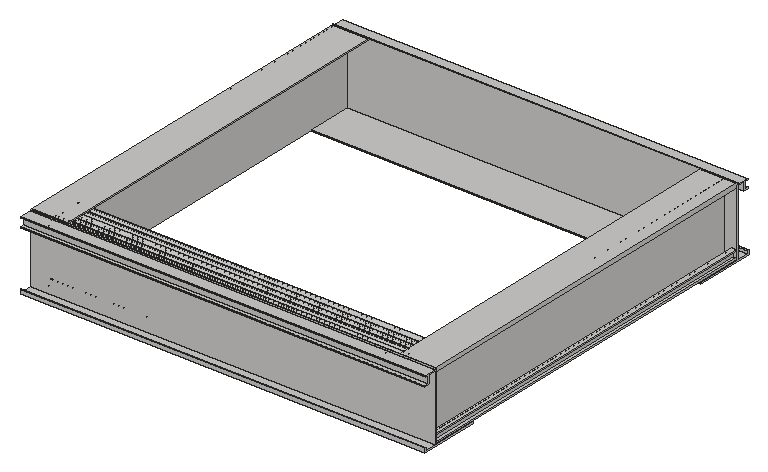
Revit family "Louver_Carnes-Alum-J_Blade-Stationary-FLDC", category Duct Accessories, host Face, Revit 2012
Parameters (values of type "See Type Catalog")
  ecoScorecard_data = ""
  ecoScorecard Product Page = "http://ecoscorecard.com/"
  Width = 24"
  Warranty URL = "http://www.carnes.com/GeneralCatalogs/termcond.pdf"
  URL = "http://www.carnes.com/index.html"
  Subcategory = "Louvers and Dampers"  # constant formula
  Spec Sheet URL = "http://www.carnes.com/Louvers/pdf/17143.pdf"
  Product Page URL = "http://www.carnes.com/Louvers/FLDC-FKDC.htm"
  Product Line = "Extruded Aluminum Stationary J Blade Louver"  # constant formula
  Offset = 3"
  Model = "FLDC"  # constant formula
  Minimum Size = "12\"W x 12\"H"
  Maximum Vertical Size = "84\"W x 120\"H"
  Maximum System Velocity = 812 FPM  # constant formula
  Maximum System Pressure = 1.00 in-wg  # constant formula
  Maximum Size Note = ""
  Maximum Horinzontal Size = "120\"W x 84\"H"
  Manufacturer Phone = "608-845-6411"  # constant formula
  Manufacturer Fax = "608-845-6470"  # constant formula
  Manufacturer Email = "mailto:carnes@carnes.com"
  Manufacturer Address = "448 S. Main St., P. O. Box 930040, Verona, WI 53593-0040"  # constant formula
  Manufacturer = "CARNES COMPANY"  # constant formula
  Installation and Maintenance URL = ""
  Height = 24"
  Free Area = ""
  Frame Material = Metal - Carnes - Steel - Galvanized
  Fire Closure Device = ""
  Duct Connector 2 = "Duct Connection 2"  # constant formula
  Duct Connector 1 = "Duct Connection 1"  # constant formula
  Description = "Extruded Aluminum Stationary J Blade Louver"  # constant formula
  Depth = 4 41/256"
  Default Elevation = 0"
  Cost Info = "mailto:carnes@carnes.com"
  Catalog URL = "http://www.carnes.com/Louvers/pdf/f4-5.pdf"
  Blade Width = Actual Width - 217/256" * 2  # 22 39/128"
  Blade Material = Metal - Carnes - Steel - Galvanized
  Assembly Code = "B2010300"
  Actual Width = if(Width < 6", 6", if(Width > 72", 72", Width))  # 24"
  Actual Height = if(Height < 6", 6", if(Height > 72", 72", Height))  # 24"
  95 CSI = "10200"  # constant formula
  04 CSI = "08 91 00"  # constant formula
Reference planes (in)
  plane 1 "Center (Front/Back)": y = 0
  plane 2: z = 0
  plane 3 "Center (Left/Right)": x = 0
  plane 4: x = -12
  plane 5: x = 12
  plane 6: y = 12
  plane 7: y = -12
  plane 8: y = -10.9375
  plane 9: x = -11.20993
  plane 10: x = 11.20993
  plane 11: z = -1.5
  plane 12: y = -11.47734
  plane 13: x = 22.20993
  plane 14: z = -5.375
  plane 15: z = -3
  plane 16: y = -9.48917
  plane 17: z = -1.90625
  plane 18: z = 1.5
  plane 19: z = -4.09375
  plane 20: z = -7.5
  plane 21: y = -10.85234
  plane 22: x = 10.20993
Forms (in)
  Extrusion 1, void
    sketch origin (0, 0, 0) x (1, 0, 0) y (0, 1, 0)
      loop
        line (12, -12) -> (12, 12) -> (-12, 12) -> (-12, -12) -> (12, -12)
    from 0 to -32.56442
  Sweep 2, solid, material "Metal - Carnes - Steel - Galvanized" <- "Frame Material", detail levels medium+fine
    path origin (0, -21.84066, -3) x (-1, 0, 0) y (0, -1, 0)
      loop
        line (12, -10.68775) -> (12, -32.99357)
    profile "Right-Left-Profile : Right-Left-Profile" origin (-12, 0, -3) x (-1, 0, 0) y (0, 0, 1)
      loop
        line (-2.13006, 2.01758) -> (-0.84709, 2.01758) -> (-0.84709, -2.08008) -> (-0.78459, -2.08008) -> (-0.78459, -1.99051) -> (-0.0593, -1.99051) -> (-0.0593, -1.92801) -> (-0.24689, -1.92801) -> (-0.24689, -1.49898) -> (0, -1.49898) -> (0, -1.43648) -> (-0.30939, -1.43648) -> (-0.30939, -1.92801) -> (-0.78459, -1.92801) -> (-0.78459, 2.01758) -> (-0.0625, 2.01758) -> (-0.0625, 1.83008) -> (0, 1.83008) -> (0, 2.08008) -> (-2.13006, 2.08008) -> (-2.13006, 2.01758)
  Sweep 3, solid, material "Metal - Carnes - Steel - Galvanized" <- "Frame Material", detail levels coarse
    path origin (0, -21.84066, -3) x (-1, 0, 0) y (0, -1, 0)
      loop
        line (0, -9.84066) -> (0, -33.84066)
    profile origin (0, 0, -3) x (-1, 0, 0) y (0, 0, 1)
      loop
        line (-12, 2.08008) -> (-12, -2.08008) -> (12, -2.08008) -> (12, 2.08008) -> (-12, 2.08008)
  Sweep 4, solid, material "Metal - Carnes - Steel - Galvanized" <- "Frame Material", detail levels medium+fine
    path origin (0, -21.84066, -3) x (-1, 0, 0) y (0, -1, 0)
      loop
        line (-12, -10.68775) -> (-12, -32.99357)
    profile "Right-Left-Profile : Right-Left-Profile" origin (12, 0, -3) x (-1, 0, 0) y (0, 0, 1)
      loop
        line (2.13006, 2.01758) -> (2.13006, 2.08008) -> (0, 2.08008) -> (0, 1.83008) -> (0.0625, 1.83008) -> (0.0625, 2.01758) -> (0.78459, 2.01758) -> (0.78459, -1.92801) -> (0.30939, -1.92801) -> (0.30939, -1.43648) -> (0, -1.43648) -> (0, -1.49898) -> (0.24689, -1.49898) -> (0.24689, -1.92801) -> (0.0593, -1.92801) -> (0.0593, -1.99051) -> (0.78459, -1.99051) -> (0.78459, -2.08008) -> (0.84709, -2.08008) -> (0.84709, 2.01758) -> (2.13006, 2.01758)
  Sweep 5, solid, material "Metal - Carnes - Steel - Galvanized" <- "Frame Material", detail levels medium+fine
    path origin (0, -21.84066, -3) x (-1, 0, 0) y (0, -1, 0)
      loop
        line (12, -33.84066) -> (-12, -33.84066)
    profile "Profile : Profile" origin (0, 12, -3) x (0, 1, 0) y (0, 0, 1)
      loop
        line (-3.54633, -2.01758) -> (-3.54633, -2.08008) -> (0, -2.08008) -> (0, -1.83008) -> (-0.0625, -1.83008) -> (-0.0625, -2.01758) -> (-0.78459, -2.01758) -> (-0.78459, 1.92801) -> (-0.30939, 1.92801) -> (-0.30939, 1.43648) -> (0, 1.43648) -> (0, 1.49898) -> (-0.24689, 1.49898) -> (-0.24689, 1.92801) -> (-0.0593, 1.92801) -> (-0.0593, 1.99051) -> (-0.78459, 1.99051) -> (-0.78459, 2.08008) -> (-0.84709, 2.08008) -> (-0.84709, -2.01758) -> (-3.54633, -2.01758)
  Sweep 6, solid, material "Metal - Carnes - Steel - Galvanized" <- "Frame Material", detail levels medium+fine
    path origin (0, 21.84066, -3) x (1, 0, 0) y (0, 1, 0)
      loop
        line (-12, -33.84066) -> (12, -33.84066)
    profile "Profile : Profile" origin (0, -12, -3) x (0, 1, 0) y (0, 0, 1)
      loop
        line (3.54633, -2.01758) -> (0.84709, -2.01758) -> (0.84709, 2.08008) -> (0.78459, 2.08008) -> (0.78459, 1.99051) -> (0.0593, 1.99051) -> (0.0593, 1.92801) -> (0.24689, 1.92801) -> (0.24689, 1.49898) -> (0, 1.49898) -> (0, 1.43648) -> (0.30939, 1.43648) -> (0.30939, 1.92801) -> (0.78459, 1.92801) -> (0.78459, -2.01758) -> (0.0625, -2.01758) -> (0.0625, -1.83008) -> (0, -1.83008) -> (0, -2.08008) -> (3.54633, -2.08008) -> (3.54633, -2.01758)
Lines and regions (in)
  symbolic lines, style "Damper"
    curve 1: line (12, 12, -3) -> (12, -12, -3)
    curve 2: line (-12, 12, -3) -> (12, 12, -3)
    curve 3: line (-12, -12, -3) -> (-12, 12, -3)
    curve 4: line (12, -12, -3) -> (-12, -12, -3)
  symbolic lines, style "Damper", detail levels medium+fine
    curve 5: line (12, 11.15291, -3) -> (-12, 11.15291, -3)
    curve 6: line (-12, -11.21541, -3) -> (12, -11.21541, -3)
    curve 7: line (9.86994, -11.21541, -3) -> (9.86994, 11.15291, -3)
    curve 8: line (-9.86994, 11.15291, -3) -> (-9.86994, -11.21541, -3)
Dimensions and locks (in)
  equal spacing: plane 7, plane 1 "Center (Front/Back)", plane 6
  equal spacing: plane 4, plane 3 "Center (Left/Right)", plane 5
  "Actual Width": plane 4 to plane 5
  "Actual Height": plane 6 to plane 7
  locked: plane 7 to plane 8 at 1.0625
  locked: plane 4 to plane 9 at 0.79007
  locked: plane 10 to plane 5 at 0.79007
  locked: plane 12 to plane 7 at 0.52266
  locked: plane 14 to plane 15 at 2.375
  locked: plane 16 to plane 8 at 1.44833
  "Offset": level to plane 15
  locked: plane 17 to plane 18 at 3.40625
  locked: plane 15 to plane 17 at 1.09375
  locked: plane 15 to plane 19 at 1.09375
  locked: plane 19 to plane 20 at 3.40625
  equal spacing: Sweep 3 sketch curve, plane 3 "Center (Left/Right)", Sweep 3 sketch curve
  "Actual Width": Sweep 3 sketch curve to Sweep 3 sketch curve
  locked: plane 7 to plane 21 at 1.14766
  locked: plane 5 to plane 22 at 1.79007
  aligned and locked: plane 2 to host face
  aligned and locked: level to host face
  aligned and locked: plane 5 to Extrusion 1 sketch curve
  aligned and locked: plane 7 to Extrusion 1 sketch curve
  aligned and locked: Extrusion 1 sketch curve to plane 4
  aligned and locked: Extrusion 1 sketch curve to plane 6
  aligned and locked: Extrusion 1 to level
  aligned: nested 2 to plane 12
  aligned: nested 2 to nested 5
  aligned: nested 5 to nested 4
  aligned: nested 4 to nested 6
  aligned: nested 3 to nested 5
  aligned: nested 1 to nested 5
  aligned: nested 3 to nested 2  (x2)
  aligned: nested 5 to nested 3  (x2)
  aligned: nested 4 to nested 5  (x2)
  aligned: nested 6 to nested 4  (x2)
  aligned: nested 6 to plane 15  (x3)
  aligned: nested 3 to plane 15  (x3)
  aligned: nested 5 to plane 15  (x3)
  aligned: nested 4 to plane 15  (x3)
  aligned: nested 2 to plane 15  (x3)
  aligned: nested 1 to plane 15  (x3)
  aligned: plane 16 to nested 6
  aligned: plane 12 to nested 1
  aligned and locked: plane 6 to Sweep 3 sketch curve
  aligned and locked: plane 7 to Sweep 3 sketch curve
  aligned and locked: plane 3 "Center (Left/Right)" to Sweep 3 sketch curve
  aligned: Sweep 2 to nested 1
  aligned: nested 1 to Sweep 2  (x2)
  aligned: nested 2 to plane 21
  aligned: nested 6 to Sweep 2
  aligned: nested 4 to Sweep 2
  aligned: nested 5 to Sweep 2
  aligned: nested 3 to Sweep 2
  aligned: nested 2 to Sweep 2
  aligned and locked: nested 1 to nested 2
  aligned and locked: nested 2 to nested 3
  aligned and locked: nested 3 to nested 5
  aligned and locked: nested 5 to nested 4
  aligned and locked: nested 4 to nested 6
  aligned and locked: plane 5 to Sweep 4 sketch curve
  aligned and locked: plane 6 to Sweep 5 sketch curve
  aligned and locked: plane 5 to Sweep 5 sketch curve
  aligned and locked: plane 4 to Sweep 5 sketch curve
  aligned and locked: Sweep 2 sketch curve to Sweep 5
  aligned and locked: Sweep 5 to Sweep 4 sketch curve
  aligned and locked: plane 7 to Sweep 6 sketch curve
  aligned and locked: plane 4 to Sweep 6 sketch curve
  aligned and locked: plane 5 to Sweep 6 sketch curve
  aligned and locked: Sweep 6 to Sweep 2 sketch curve
  aligned and locked: Sweep 4 sketch curve to Sweep 6
  aligned and locked: nested 1 to Sweep 6
  aligned and locked: Sweep 3 sketch curve to Sweep 6  (x2)
  aligned and locked: nested 1 to plane 15
  aligned and locked: nested 2 to plane 15
  aligned and locked: nested 3 to plane 15
  aligned and locked: nested 5 to plane 15
  aligned and locked: nested 4 to plane 15
  aligned and locked: nested 6 to plane 15
  aligned and locked: curve 7 to Sweep 4
  aligned and locked: curve 8 to Sweep 2
  aligned and locked: curve 5 to Sweep 5
  aligned and locked: Sweep 6 to curve 6
  aligned and locked: plane 5 to curve 6
  aligned and locked: plane 3 "Center (Left/Right)" to nested 1
Automatic sketch dimensions
  host sketch curve to host sketch curve = 96"  (x2)
  Sweep 2 sketch curve to plane 4 = 0"
  curve 2 to plane 4 = 0"
  curve 3 to plane 6 = 0"
  plane 7 to curve 3 = 0"
Nested families (in)
  nested 1: "Blade" at (0, -11.15291, -4.90943), type "Blades", detail levels fine
  nested 2: "Blade" at (0, -10.75525, -4.90943), type "Blades", detail levels fine
  nested 3: "Blade" at (0, -10.35758, -4.90943), type "Blades", detail levels fine
  nested 4: "Blade" at (0, -9.56226, -4.90943), type "Blades", detail levels fine
  nested 5: "Blade" at (0, -9.95992, -4.90943), type "Blades", detail levels fine
  nested 6: "Blade" at (0, -9.1646, -4.90943), type "Blades", detail levels fine
Connectors (in)
  hvac at (0, 0, -0.91992), driven by "Actual Height", driven by "Actual Width", driven by "Duct Connector 1"
    settings: on Sweep 3, index 1, duct flow 0 CFM, flow factor 0, pres drop 0.00 in-wg, loss coef 0, conn angle 0.00°, conn width 24", conn height 24", conn radius 12", duct sys type 3, conn prof type 1, flow config 0, flow direction 0, loss method 0, conn ref index 2, conn util no, is conn primary yes, conn desc "Duct Connection 1"
  hvac at (0, 0, -5.08008), driven by "Actual Height", driven by "Actual Width", driven by "Duct Connector 2"
    settings: on Sweep 3, index 2, duct flow 0 CFM, flow factor 0, pres drop 0.00 in-wg, loss coef 0, conn angle 0.00°, conn width 24", conn height 24", conn radius 12", duct sys type 3, conn prof type 1, flow config 0, flow direction 0, loss method 0, conn ref index 1, conn util no, is conn primary no, conn desc "Duct Connection 2"
Definition of nested family "Blade"
  Parameters (values of type "Blades")
    Width = 22 39/128"
    Unit = Metal - Carnes - Steel - Galvanized
    Assembly Code = ""
  Reference planes (in)
    plane 1 "Center (Front/Back)": y = 0
    plane 2: z = 0
    plane 3 "Center (Left/Right)": x = 0
    plane 4: x = -11.15234
    plane 5: x = 11.15234
    plane 6: z = 3.75781
    plane 7: z = 0.12354
    plane 8: y = 0.39766
    plane 9: z = 3.69531
    plane 10: z = 1.90943
  Forms (in)
    Extrusion 1, solid, material "Metal - Carnes - Steel - Galvanized" <- "Unit"
      sketch origin (0, 0, 0.35938) x (0, 1, 0) y (0, 0, 1)
        loop
          arc (0.23008, 2.94075) -> (0.19883, 3.33594) -> (0.16758, 2.94075) r 0.19883
          line (0.16758, 2.94075) -> (0.16758, 0.15936)
          arc (0.16758, 0.15936) -> (0.19883, -0.23583) -> (0.23008, 0.15936) r 0.19883
          line (0.23008, 0.15936) -> (0.23008, 2.94075)
        loop
          circle (0.19883, 3.13711) r 0.13633
        loop
          circle (0.19883, -0.037) r 0.13633
      from -11.15234 to 11.15234
  Lines and regions (in)
    symbolic lines, style "Damper"
      curve 1: line (-9.87109, 0.39763, 0) -> (9.87109, 0.39763, 0)
      curve 2: line (9.87109, 0, 0) -> (-9.87109, 0, 0)
      curve 3: line (-9.87109, 0, 0) -> (-9.87109, 0.39763, 0)
      curve 4: line (9.87109, 0, 0) -> (9.87109, 0.39763, 0)
  Dimensions and locks (in)
    equal spacing: plane 4, plane 3 "Center (Left/Right)", plane 5
    "Width": plane 4 to plane 5
    plane 6 to level = 3 97/128"
    locked: plane 6 to plane 9 at 0.0625
    locked: plane 4 to curve 3 at 1.28125
    locked: curve 4 to plane 5 at 1.28125
    aligned and locked: level to plane 2
    aligned and locked: plane 4 to Extrusion 1
    aligned and locked: plane 5 to Extrusion 1
    aligned and locked: curve 2 to plane 1 "Center (Front/Back)"
  Automatic sketch dimensions
    Extrusion 1 sketch curve to Extrusion 1 sketch curve = 0"  (x5)
    Extrusion 1 sketch curve to plane 1 "Center (Front/Back)" = 0.16758"
    Extrusion 1 sketch curve to Extrusion 1 sketch curve = 1/32"  (x3)
    level to Extrusion 1 sketch curve = 0.32237"
    Extrusion 1 sketch curve to Extrusion 1 sketch curve = 0.19636"  (x2)
    Extrusion 1 sketch curve to Extrusion 1 sketch curve = 2.78139"
    plane 8 to curve 3 = 0.00003"
    radius of Extrusion 1 sketch curve = 0.13633"  (x2)
